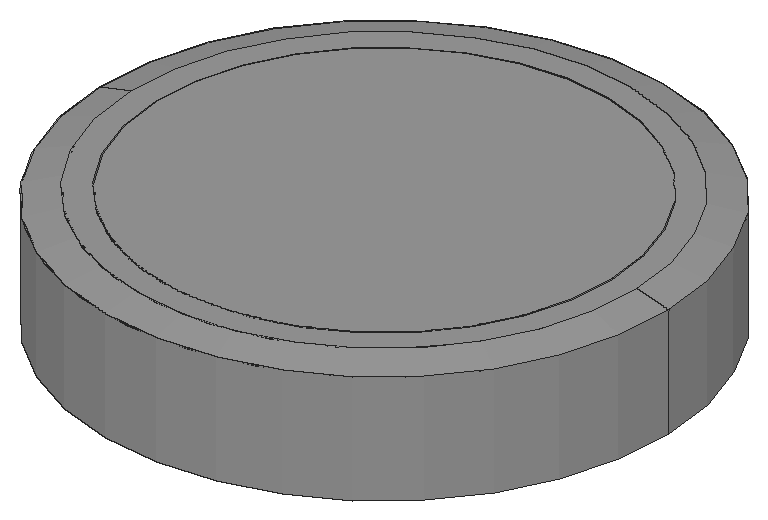
Revit family "54107", category Lighting Fixtures, host Face, Revit 2018
Family settings
  Host = Face
  Round Connector Dimension = Use Diameter
  Part Type = Normal
  OmniClass Number = 23.80.70.00
  OmniClass Title = Lighting
  Cut with Voids When Loaded = No
  Light Source = Yes
  Shared = No
  Room Calculation Point = No
Parameters (values of type "0054107 START ECO DOWNLIGHT 215 1250LM 840 SRFC")
  lens dia = 172 mm
  chamfer dia = 191 mm
  Weight = "n/a"
  Wattage Comments = ""
  Wattage = 9.2903 W
  WarrantyStartDate [instance] = "n/a"
  WarrantyGuarantorParts = "n/a"
  WarrantyDurationUnit = "n/a"
  WarrantyDurationParts = ""
  WarrantyDescription = "http://www.sylvania-lighting.com"
  built-in parameter 1150110 = 1 (stored number, unit not read)
  Voltage = 0 V
  URL = "0.5"
  TypeName = "START eco Downlight 215 1250lm 840 Surface"
  Type Image = <None>
  Type Comments = "n/a"
  built-in parameter 1114217 = 1 (stored number, unit not read)
  Tilt Angle = -90.00°
  built-in parameter 1150109 = 1 (stored number, unit not read)
  built-in parameter 1150134 = 3
  built-in parameter 1150113 = 1 (stored number, unit not read)
  SerialNumber [instance] = "n/a"
  Photometric Web File = "0054107.ies"
  Material_3_SYL = none
  PowerFactor = 0
  PowerConsumption = "Lighting"
  NominalLength = 215 mm
  NominalHeight = 44.9 mm
  NominalDepth = 215 mm
  Name = "START eco Downlight 215 1250lm 840 Surface"
  ModelReference = Name  # "START eco Downlight 215 1250lm 840 Surface"
  ModelNumber = "0054107"
  Model = Name  # "START eco Downlight 215 1250lm 840 Surface"
  Material = "Feilo Sylvania"
  ManufacturerName = "83 lm/W"
  Manufacturer = ""
  LuminousEfficacy = ""
  built-in parameter 1150105 = 109.82 (stored number, unit not read)
  Lumens = 1380 lm
  LuminaireType = "0"
  built-in parameter 1150115 = 1 (stored number, unit not read)
  LightOutputRatio = "LED"
  built-in parameter 1150137 = (empty or 0)
  built-in parameter 1150139 = (empty or 0)
  LampsType = Lamp  # "n/a"
  LampNominalLuminous = "4000 K"
  LampMacAdamStep = "80"
  LampColourTemperature = "LED"
  LampColourRenderingIndex = "16500"
  built-in parameter 1150112 = 1 (stored number, unit not read)
  built-in parameter 1150114 = 1 (stored number, unit not read)
  Lamp = "n/a"
  Keynote = "n/a"
  InstallationDate [instance] = "n/a"
  InputVoltage = "0"
  InputNominalFrequency = "4000"
  built-in parameter 1150132 = (empty or 0)
  built-in parameter 1150102 = (empty or 0)
  built-in parameter 1150107 = 3200 (stored number, unit not read)
  built-in parameter 1150138 = (empty or 0)
  IngressProtection = "IfcLightFixtureType"
  ImpactProtectionIndex = "IfcLightFixtureType"
  built-in parameter 1150106 = 1.0982 (stored number, unit not read)
  IfcExportType = "IfcLightFixtureType"
  IfcExportAs = "Class II"
  Emit from Circle Diameter = 609.6 mm
  Emit Shape Visible in Rendering = no
  ElectricShockClassification = "83"
  built-in parameter 1150104 = 13.8 (stored number, unit not read)
  DocumentationLiterature = "http://www.sylvania-lighting.com/product/en-int/products/0054107"
  DimmingControlOptions = "n/a"
  Material_2_SYL = none
  Dimming Lamp Color Temperature Shift = <None>
  Description = "START eco Downlight is an integrated LED surface mounted downlight with built-in non dimmable driver; 15W; 1250Lm; 83Lm/W; 4000K."
  Default Elevation = 1219.2 mm
  CreatedOn = "21/09/2022"
  CreatedBy = "@sylvania-lighting.com"
  Cost = 0
  Color Filter = 16777215
  built-in parameter 1114216 [instance] = (empty or 0)
  ClassificationValue = "EF_70_80"
  ClassificationName = "Uniclass2015"
  Material_1_SYL = none
  BarCode [instance] = "n/a"
  built-in parameter 1114218 = 1 (stored number, unit not read)
  built-in parameter 1150133 = 10 (stored number, unit not read)
  AssetType = "Fixed"
  AssetIdentifier [instance] = "n/a"
  Assembly Code = "D5020200"
  Apparent Load = 15 VA
  Material_4_SYL = none
Reference planes
  plane 1 "Center (Front/Back)": y = 0
  plane 2: z = 0
  plane 3 "Center (Left/Right)": x = 0
  plane 4: x = -107.5
  plane 5: x = 107.5
  plane 6: y = 107.5
  plane 7: y = -107.5
  plane 8: z = 44.9
  plane 9: y = 95.5
  plane 10: y = -95.5
  plane 11: y = 86
  plane 12: y = -86
Forms (mm)
  Extrusion 1, solid, material "Aluminum", detail levels medium+fine
    sketch origin (0, 0, 0) x (1, 0, 0) y (0, 1, 0)
      loop
        circle (0, 0) r 107.5
    from 0 to 42
  Blend 2, solid, material "Aluminum", detail levels medium+fine
    base sketch origin (0, 0, 0) x (1, 0, 0) y (0, 1, 0)
      loop
        circle (0, 0) r 107.5
    top sketch origin (0, 0, 0) x (1, 0, 0) y (0, 1, 0)
      loop
        circle (0, 0) r 95.5
    from 42 to 44.9
  Extrusion 3, void
    sketch origin (0, 0, 0) x (1, 0, 0) y (0, 1, 0)
      loop
        circle (0, 0) r 86
    from 44.9 to 43.9
  Extrusion 4, solid, material "Glass, White, High Luminance", detail levels fine
    sketch origin (0, 0, 0) x (1, 0, 0) y (0, 1, 0)
      loop
        circle (0, 0) r 86
    from 44.9 to 43.9
  Extrusion 5, solid, detail levels coarse
    sketch origin (0, 0, 0) x (1, 0, 0) y (0, 1, 0)
      loop
        line (-107.5, 107.5) -> (-107.5, -107.5) -> (107.5, -107.5) -> (107.5, 107.5) -> (-107.5, 107.5)
    from 0 to 44.9
Cuts and joins
  Extrusion 3 cuts Extrusion 1
  Extrusion 3 cuts Blend 2
Dimensions and locks
  "NominalLength": plane 4 to plane 5
  equal spacing: plane 4, plane 3 "Center (Left/Right)", plane 5
  "NominalDepth": plane 6 to plane 7
  equal spacing: plane 6, plane 1 "Center (Front/Back)", plane 7
  "NominalHeight": plane 8 to level
  "chamfer dia": plane 9 to plane 10
  equal spacing: plane 9, plane 1 "Center (Front/Back)", plane 10
  "lens dia": plane 12 to plane 11
  equal spacing: plane 12, plane 1 "Center (Front/Back)", plane 11
  aligned and locked: plane 2 to host face
  aligned and locked: level to host face
Automatic sketch dimensions
  host sketch curve to host sketch curve = 2438.4 mm  (x2)
  plane 1 "Center (Front/Back)" to Extrusion 1 sketch curve = 0 mm
  Extrusion 1 sketch curve to plane 3 "Center (Left/Right)" = 0 mm
  plane 1 "Center (Front/Back)" to Blend 2 sketch curve = 0 mm  (x2)
  Blend 2 sketch curve to plane 3 "Center (Left/Right)" = 0 mm  (x2)
  plane 1 "Center (Front/Back)" to Extrusion 3 sketch curve = 0 mm
  Extrusion 3 sketch curve to plane 3 "Center (Left/Right)" = 0 mm
  plane 1 "Center (Front/Back)" to Extrusion 4 sketch curve = 0 mm
  Extrusion 4 sketch curve to plane 3 "Center (Left/Right)" = 0 mm
  Extrusion 5 sketch curve to plane 4 = 0 mm
  Extrusion 5 sketch curve to plane 5 = 0 mm
  Extrusion 5 sketch curve to plane 7 = 0 mm
  Extrusion 5 sketch curve to plane 6 = 0 mm
  radius of Extrusion 1 sketch curve = 107.5 mm
  radius of Blend 2 sketch curve = 107.5 mm
  radius of Blend 2 sketch curve = 95.5 mm
  radius of Extrusion 3 sketch curve = 86 mm
  radius of Extrusion 4 sketch curve = 86 mm
Connectors
  electrical at (0, 0, 0), driven by "Apparent Load", driven by "PowerFactor", driven by "Voltage"
    settings: index 1, voltage 0 V, apparent load 15 VA, apparent load phase1 0 VA, apparent load phase2 0 VA, apparent load phase3 0 VA, power factor 0, load classification "Lighting", number of poles 1, system type 30, power factor state 1, is connector primary yes, connector utility no, sub classification motor no, connector description ""
